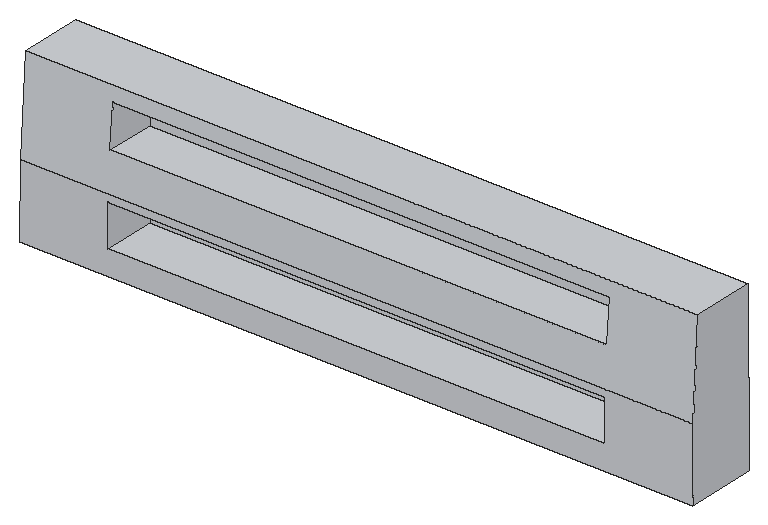
Revit family "84ae7bdfb8964e9eaa785c948a22fd04", category Mechanical Equipment, Revit 2021
Family settings
  Round Connector Dimension = Use Diameter
  Part Type = Normal
  OmniClass Number = 23.75.70.17.34
  OmniClass Title = Unit Heaters
  Seek Item ID = Heater - Baseboard-0000-USA-ENU
  Work Plane-Based = No
  Always vertical = Yes
  Cut with Voids When Loaded = No
  Shared = No
  Room Calculation Point = No
Parameters (values of type "0.35 kW")
  Voltage = 208 V
  Number of Poles = 3
  Load Classification = Heating
  Heater Material = none
  Heater Length = 2' - 0"
  Default Elevation = 0' - 0"
  Assembly Code = ""
  Arrow [instance] = yes
  Apparent Load = 350 VA
Types (9): name | Heater Length | Apparent Load
  0.35 kW | 2' - 0" | 350 VA
  0.5 kW | 2' - 6" | 500 VA
  0.375 kW | 2' - 6" | 375 VA
  0.75 kW | 3' - 0" | 750 VA
  1 kW | 4' - 0" | 1000 VA
  1.25 kW | 5' - 0" | 1250 VA
  1.5 kW | 6' - 0" | 1500 VA
  2 kW | 8' - 0" | 2000 VA
  2.5 kW | 8' - 0" | 2500 VA
Reference planes (in)
  plane 1 "Center (Front/Back)": y = 0
  plane 2: z = 0
  plane 3 "Center (Left/Right)": x = 0
  plane 4: x = 24
  plane 5: z = 0.875
  plane 6: z = 2.375
  plane 7: y = -0.625
  plane 8: z = 5.5
  plane 9: z = 4
  plane 10: x = 3.125
  plane 11: x = 20.875
  plane 12: x = 12
  plane 13: x = 11
  plane 14: x = 13
  plane 15: y = -4.5
  plane 16: y = -8.5
  plane 17: y = -9
  plane 18: y = -9
  plane 19: y = -10
  plane 20: y = -10.5
  plane 21: y = -14.5
  plane 22: y = -19.5
  plane 23: z = 1.25
  plane 24: y = -1.25
  plane 25: x = 13.5
  plane 26: x = 10.5
  plane 27: z = 2.625
Forms (in)
  Extrusion 1, solid, material <- "Heater Material", detail levels fine
    sketch origin (0, 0, 0) x (0, 1, 0) y (0, 0, 1)
      loop
        line (0, 0) -> (0, 6) -> (-2.25, 6) -> (-2.5, 2.625) -> (-2.5, 0) -> (0, 0)
    from 0 to 24
  Extrusion 2, void, detail levels fine
    sketch origin (0, 0, 0) x (0, 1, 0) y (0, 0, 1)
      loop
        line (-0.625, 5.5) -> (-2.5, 5.5) -> (-2.5, 4) -> (-0.625, 4) -> (-0.625, 5.5)
      loop
        line (-0.625, 2.375) -> (-2.5, 2.375) -> (-2.5, 0.875) -> (-0.625, 0.875) -> (-0.625, 2.375)
    from 3.125 to 20.875
  Extrusion 3, solid, detail levels fine
    sketch origin (0, 0, 0) x (0, 1, 0) y (0, 0, 1)
      loop
        circle (-1.25, 1.25) r 0.2
    from 0 to 0.44005
  Extrusion 4, solid, detail levels coarse+medium
    sketch origin (0, 0, 0) x (1, 0, 0) y (0, 1, 0)
      loop
        line (0, 0) -> (0, -2.5) -> (24, -2.5) -> (24, 0) -> (0, 0)
    from 0 to 6
Cuts and joins
  Extrusion 2 cuts Extrusion 1
Lines and regions (in)
  symbolic lines, detail levels fine
    curve 1: line (0, -2.25, 0) -> (24, -2.25, 0)
  symbolic lines, visible <- "Arrow", detail levels coarse+medium
    curve 2: line (12, -4.5, 2.625) -> (12, -8.5, 2.625)
    curve 3: line (13.5, -9, 2.625) -> (10.5, -10, 2.625)
    curve 4: line (12, -10.5, 2.625) -> (12, -14.5, 2.625)
    curve 5: line (11, -14.5, 2.625) -> (13, -14.5, 2.625)
    curve 6: line (13, -14.5, 2.625) -> (12, -19.5, 2.625)
    curve 7: line (11, -14.5, 2.625) -> (12, -19.5, 2.625)
    curve 8: line (13.5, -9, 2.625) -> (12, -8.5, 2.625)
    curve 9: line (10.5, -10, 2.625) -> (12, -10.5, 2.625)
Dimensions and locks (in)
  "Heater Length": plane 4 to plane 3 "Center (Left/Right)"
  locked: plane 10 to plane 3 "Center (Left/Right)" at 3.125
  locked: plane 4 to plane 11 at 3.125
  equal spacing: plane 3 "Center (Left/Right)", plane 12, plane 4
  plane 20 to plane 21 = 0' - 4"
  plane 15 to plane 16 = 0' - 4"
  plane 16 to plane 18 = 0' - 0 1/2"
  plane 18 to plane 19 = 0' - 1"
  plane 19 to plane 20 = 0' - 0 1/2"
  locked: plane 23 to level at 1.25
  locked: plane 1 "Center (Front/Back)" to plane 24 at 1.25
  plane 13 to plane 14 = 0' - 2"
  equal spacing: plane 13, plane 12, plane 14
  plane 26 to plane 25 = 0' - 3"
  equal spacing: plane 26, plane 12, plane 25
  locked: cut or joined group of Extrusion 1, Extrusion 2 to Extrusion 4 sketch curve at 2.5
  locked: plane 27 to plane 2 at 2.625
  aligned and locked: Extrusion 1 to plane 3 "Center (Left/Right)"
  aligned and locked: plane 4 to Extrusion 1
  aligned and locked: Extrusion 2 sketch curve to plane 7
  aligned and locked: Extrusion 2 sketch curve to plane 9
  aligned and locked: plane 8 to Extrusion 2 sketch curve
  aligned and locked: plane 7 to Extrusion 2 sketch curve
  aligned and locked: plane 6 to Extrusion 2 sketch curve
  aligned and locked: plane 5 to Extrusion 2 sketch curve
  aligned and locked: cut or joined group of Extrusion 1, Extrusion 2 to Extrusion 2 sketch curve
  aligned and locked: Extrusion 1 to Extrusion 2
  aligned and locked: Extrusion 2 to plane 10
  aligned and locked: plane 11 to Extrusion 2
  aligned and locked: curve 1 to cut or joined group of Extrusion 1, Extrusion 2
  aligned and locked: plane 24 to Extrusion 3 sketch curve
  aligned and locked: plane 23 to Extrusion 3 sketch curve
  aligned and locked: plane 3 "Center (Left/Right)" to Extrusion 4 sketch curve
  aligned and locked: Extrusion 4 sketch curve to plane 4
  aligned and locked: plane 1 "Center (Front/Back)" to Extrusion 4 sketch curve
  aligned and locked: Extrusion 4 to cut or joined group of Extrusion 1, Extrusion 2
  aligned and locked: Extrusion 4 to plane 2
Automatic sketch dimensions
  Extrusion 1 sketch curve to level = 0' - 0"
  Extrusion 1 sketch curve to plane 1 "Center (Front/Back)" = 0' - 0"
  plane 1 "Center (Front/Back)" to Extrusion 1 sketch curve = 0' - 2 1/4"
  plane 1 "Center (Front/Back)" to Extrusion 1 sketch curve = 0' - 2 1/2"
  Extrusion 1 sketch curve to Extrusion 1 sketch curve = 0' - 2 5/8"
  Extrusion 1 sketch curve to Extrusion 1 sketch curve = 0' - 3 3/8"
  plane 7 to Extrusion 2 sketch curve = 0' - 1 7/8"
  curve 1 to plane 3 "Center (Left/Right)" = 0' - 0"
  curve 1 to plane 4 = 0' - 0"
  curve 7 to plane 12 = 0' - 0"
  curve 7 to plane 22 = 0' - 0"
  curve 7 to plane 13 = 0' - 0"
  curve 7 to plane 21 = 0' - 0"
  curve 4 to plane 20 = 0' - 0"
  curve 9 to plane 12 = 0' - 0"
  curve 3 to plane 19 = 0' - 0"
  curve 8 to plane 17 = 0' - 0"
  curve 8 to plane 12 = 0' - 0"
  curve 8 to plane 16 = 0' - 0"
  curve 2 to plane 15 = 0' - 0"
  curve 3 to plane 25 = 0' - 0"
  curve 5 to plane 14 = 0' - 0"
  curve 3 to plane 26 = 0' - 0"
  radius of Extrusion 3 sketch curve = 0' - 0.2"
Connectors (in)
  electrical at (0, -1.25, 1.25), driven by "Voltage", driven by "Number of Poles", driven by "Apparent Load", driven by "Load Classification"
    settings: on Extrusion 3, index 1, voltage 208 V, apparent load 350 VA, apparent load phase1 0 VA, apparent load phase2 0 VA, apparent load phase3 0 VA, power factor 0.8, load classification "Heating", number of poles 3, system type 30, power factor state 1, is connector primary yes, connector utility no, sub classification motor no, connector description ""
